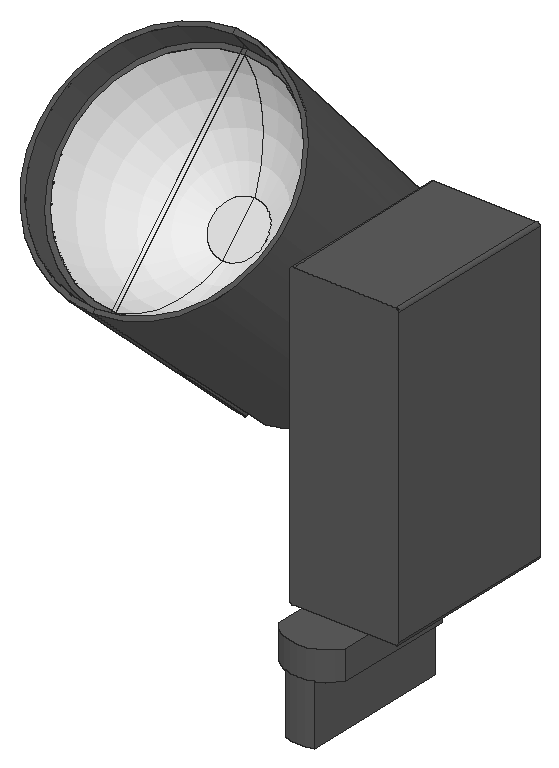
Revit family "0004952 Feilo Sylvania Lighting Fixture START TRACK SPOT L DALI 3562LM 940 WB BLK", category Lighting Fixtures, host Face, Revit 2017 (continued)
Definition of nested family "Start Track Spot Head"
  Types (96, lengths in mm): name | Wattage | built-in parameter 1150134 | Photometric Web File | Model | built-in parameter 1150105 | Lumens | built-in parameter 1150107 | built-in parameter 1150106 | HeadThickness_FEILO | HeadRibOffset_FEILO | HeadRibDepth_FEILO | HeadRibCutWidth_FEILO | HeadRibCutOffset_FEILO | HeadReflectorRadius_FEILO | HeadReflectorOffset_FEILO | HeadLEDRadius_FEILO | HeadHeight_FEILO | HeadDiffusorOffset_FEILO | HeadDiaOut_FEILO | HeadDiaIn_FEILO | HeadAxisFromTop_FEILO | Emit from Circle Diameter | built-in parameter 1150104 | Description | Apparent Load
    0004864 START TRACK SPOT S 24W 3K RA90 WB WHITE | 24 W | (empty or 0) | "0004864.ies" | "START TRACK SPOT S 24W 3K RA90 WB WHITE" | 152.79 (stored number, unit not read) | 1920 lm | 3000 (stored number, unit not read) | 1.5279 (stored number, unit not read) | 1.5 | 4.179 | 55.714 | 7.167 | 50.87 | 50.588 | 55.714 | 9.556 | 117 | 9.435 | 86 | 77.477 | 69.354 | 77.477 | 7.4322 (stored number, unit not read) | "Integrated LED spotlight, Textured White - RAL9016, compact and minimalist design, ideal for retail applications, die-cast aluminium body, passive cooling heatsink. Beam angle: 64°, color temperature: 3000K , total system power: 24W, total fixture output: 1928 lm, LOR: 100%, colour rendering: Ra: 90 typical, LED Chromaticity: 3 step MacAdam ellipse, lifetime: >50000 hours at L70B50, energy class: A++, A+, A, IR/UV free light source without heat radiation, operating voltage: 220-240V / 50-60Hz, drive current: 600mA, electronic driver, non-dimmable, power factor: 0.95, electrical protection: Class II, Global Track 3 Phase adapter suitable for Global trac 3-circuit tracks, ingress protection rating: IP20, suitable for internal environment only, horizontal rotation: 355°, vertical tilt: 90°, dimensions: Ø86x140x200, weight: 0.966kg." | 24 VA
    0004863 START TRACK SPOT S 24W 3K RA90 MB WHITE | 24 W | (empty or 0) | "0004863.ies" | "START TRACK SPOT S 24W 3K RA90 MB WHITE" | 154.7 (stored number, unit not read) | 1944 lm | 3000 (stored number, unit not read) | 1.547 (stored number, unit not read) | 1.5 | 4.179 | 55.714 | 7.167 | 50.87 | 50.588 | 55.714 | 9.556 | 117 | 9.435 | 86 | 77.477 | 69.354 | 77.477 | 7.5251 (stored number, unit not read) | "Integrated LED spotlight, Textured White - RAL9016, compact and minimalist design, ideal for retail applications, die-cast aluminium body, passive cooling heatsink. Beam angle: 36°, color temperature: 3000K , total system power: 24W, total fixture output: 1944 lm, LOR: 100%, colour rendering: Ra: 90 typical, LED Chromaticity: 3 step MacAdam ellipse, lifetime: >50000 hours at L70B50, energy class: A++, A+, A, IR/UV free light source without heat radiation, operating voltage: 220-240V / 50-60Hz, drive current: 600mA, electronic driver, non-dimmable, power factor: 0.95, electrical protection: Class II, Global Track 3 Phase adapter suitable for Global trac 3-circuit tracks, ingress protection rating: IP20, suitable for internal environment only, horizontal rotation: 355°, vertical tilt: 90°, dimensions: Ø86x140x200, weight: 0.966kg." | 24 VA
    0004862 START TRACK SPOT S 24W 3K RA90 NB WHITE | 24 W | (empty or 0) | "0004862.ies" | "START TRACK SPOT S 24W 3K RA90 NB WHITE" | 158.52 (stored number, unit not read) | 1992 lm | 3000 (stored number, unit not read) | 1.5852 (stored number, unit not read) | 1.5 | 4.179 | 55.714 | 7.167 | 50.87 | 50.588 | 55.714 | 9.556 | 117 | 9.435 | 86 | 77.477 | 69.354 | 77.477 | 7.711 (stored number, unit not read) | "Integrated LED spotlight, Textured White - RAL9016, compact and minimalist design, ideal for retail applications, die-cast aluminium body, passive cooling heatsink. Beam angle: 12°, color temperature: 3000K , total system power: 24W, total fixture output: 1987 lm, LOR: 100%, colour rendering: Ra: 90 typical, LED Chromaticity: 3 step MacAdam ellipse, lifetime: >50000 hours at L70B50, energy class: A++, A+, A, IR/UV free light source without heat radiation, operating voltage: 220-240V / 50-60Hz, drive current: 600mA, electronic driver, non-dimmable, power factor: 0.95, electrical protection: Class II, Global Track 3 Phase adapter suitable for Global trac 3-circuit tracks, ingress protection rating: IP20, suitable for internal environment only, horizontal rotation: 355°, vertical tilt: 90°, dimensions: Ø86x140x200, weight: 0.966kg." | 24 VA
    0004861 START TRACK SPOT S 14W 3K RA90 WB WHITE | 14 W | (empty or 0) | "0004861.ies" | "START TRACK SPOT S 14W 3K RA90 WB WHITE" | 100.27 (stored number, unit not read) | 1260 lm | 3000 (stored number, unit not read) | 1.0027 (stored number, unit not read) | 1.5 | 4.179 | 55.714 | 7.167 | 50.87 | 50.588 | 55.714 | 9.556 | 117 | 9.435 | 86 | 77.477 | 69.354 | 77.477 | 8.3613 (stored number, unit not read) | "Integrated LED spotlight, Textured White - RAL9016, compact and minimalist design, ideal for retail applications, die-cast aluminium body, passive cooling heatsink. Beam angle: 64°, color temperature: 3000K , total system power: 14W, total fixture output: 1262 lm, LOR: 100%, colour rendering: Ra: 90 typical, LED Chromaticity: 3 step MacAdam ellipse, lifetime: >50000 hours at L70B50, energy class: A++, A+, A, IR/UV free light source without heat radiation, operating voltage: 220-240V / 50-60Hz, drive current: 350mA, electronic driver, non-dimmable, power factor: 0.92, electrical protection: Class II, Global Track 3 Phase adapter suitable for Global trac 3-circuit tracks, ingress protection rating: IP20, suitable for internal environment only, horizontal rotation: 355°, vertical tilt: 90°, dimensions: Ø86x140x200, weight: 0.940kg." | 14 VA
    0004860 START TRACK SPOT S 14W 3K RA90 MB WHITE | 14 W | (empty or 0) | "0004860.ies" | "START TRACK SPOT S 14W 3K RA90 MB WHITE" | 100.27 (stored number, unit not read) | 1260 lm | 3000 (stored number, unit not read) | 1.0027 (stored number, unit not read) | 1.5 | 4.179 | 55.714 | 7.167 | 50.87 | 50.588 | 55.714 | 9.556 | 117 | 9.435 | 86 | 77.477 | 69.354 | 77.477 | 8.3613 (stored number, unit not read) | "Integrated LED spotlight, Textured White - RAL9016, compact and minimalist design, ideal for retail applications, die-cast aluminium body, passive cooling heatsink. Beam angle: 36°, color temperature: 3000K , total system power: 14W, total fixture output: 1262 lm, LOR: 100%, colour rendering: Ra: 90 typical, LED Chromaticity: 3 step MacAdam ellipse, lifetime: >50000 hours at L70B50, energy class: A++, A+, A, IR/UV free light source without heat radiation, operating voltage: 220-240V / 50-60Hz, drive current: 350mA, electronic driver, non-dimmable, power factor: 0.92, electrical protection: Class II, Global Track 3 Phase adapter suitable for Global trac 3-circuit tracks, ingress protection rating: IP20, suitable for internal environment only, horizontal rotation: 355°, vertical tilt: 90°, dimensions: Ø86x140x200, weight: 0.940kg." | 14 VA
    0004859 START TRACK SPOT S 14W 3K RA90 NB WHITE | 14 W | (empty or 0) | "0004859.ies" | "START TRACK SPOT S 14W 3K RA90 NB WHITE" | 102.5 (stored number, unit not read) | 1288 lm | 3000 (stored number, unit not read) | 1.025 (stored number, unit not read) | 1.5 | 4.179 | 55.714 | 7.167 | 50.87 | 50.588 | 55.714 | 9.556 | 117 | 9.435 | 86 | 77.477 | 69.354 | 77.477 | 8.5471 (stored number, unit not read) | "Integrated LED spotlight, Textured White - RAL9016, compact and minimalist design, ideal for retail applications, die-cast aluminium body, passive cooling heatsink. Beam angle: 12°, color temperature: 3000K , total system power: 14W, total fixture output: 1284 lm, LOR: 100%, colour rendering: Ra: 90 typical, LED Chromaticity: 3 step MacAdam ellipse, lifetime: >50000 hours at L70B50, energy class: A++, A+, A, IR/UV free light source without heat radiation, operating voltage: 220-240V / 50-60Hz, drive current: 350mA, electronic driver, non-dimmable, power factor: 0.92, electrical protection: Class II, Global Track 3 Phase adapter suitable for Global trac 3-circuit tracks, ingress protection rating: IP20, suitable for internal environment only, horizontal rotation: 355°, vertical tilt: 90°, dimensions: Ø86x140x200, weight: 0.940kg." | 14 VA
    0004858 START TRACK SPOT L 55W 4K RA80 WB BLACK | 55 W | 12 | "0004858.ies" | "START TRACK SPOT L 55W 4K RA80 WB BLACK" | 424.55 (stored number, unit not read) | 5335 lm | 4000 (stored number, unit not read) | 4.2455 (stored number, unit not read) | 2 | 4.429 | 59.048 | 9.417 | 53.913 | 66.471 | 59.048 | 12.556 | 124 | 10 | 113 | 101.802 | 73.503 | 101.802 | 9.0116 (stored number, unit not read) | "Integrated LED spotlight, Textured Black - RAL9005, compact and minimalist design, ideal for retail applications, die-cast aluminium body, passive cooling heatsink. Beam angle: 52°, color temperature: 4000K , total system power: 55W, total fixture output: 5320 lm, LOR: 100%, colour rendering: Ra: 80 typical, LED Chromaticity: 3 step MacAdam ellipse, lifetime: >50000 hours at L70B50, energy class: A++, A+, A, IR/UV free light source without heat radiation, operating voltage: 220-240V / 50-60Hz, drive current: 1400mA, electronic driver, non-dimmable, power factor: 0.96, electrical protection: Class II, Global Track 3 Phase adapter suitable for Global trac 3-circuit tracks, ingress protection rating: IP20, suitable for internal environment only, horizontal rotation: 355°, vertical tilt: 90°, dimensions: Ø113x164x240, weight: 1.398kg." | 55 VA
    0004857 START TRACK SPOT L 55W 4K RA80 MB BLACK | 55 W | 12 | "0004857.ies" | "START TRACK SPOT L 55W 4K RA80 MB BLACK" | 428.92 (stored number, unit not read) | 5390 lm | 4000 (stored number, unit not read) | 4.2892 (stored number, unit not read) | 2 | 4.429 | 59.048 | 9.417 | 53.913 | 66.471 | 59.048 | 12.556 | 124 | 10 | 113 | 101.802 | 73.503 | 101.802 | 9.1045 (stored number, unit not read) | "Integrated LED spotlight, Textured Black - RAL9005, compact and minimalist design, ideal for retail applications, die-cast aluminium body, passive cooling heatsink. Beam angle: 38°, color temperature: 4000K , total system power: 55W, total fixture output: 5378 lm, LOR: 100%, colour rendering: Ra: 80 typical, LED Chromaticity: 3 step MacAdam ellipse, lifetime: >50000 hours at L70B50, energy class: A++, A+, A, IR/UV free light source without heat radiation, operating voltage: 220-240V / 50-60Hz, drive current: 1400mA, electronic driver, non-dimmable, power factor: 0.96, electrical protection: Class II, Global Track 3 Phase adapter suitable for Global trac 3-circuit tracks, ingress protection rating: IP20, suitable for internal environment only, horizontal rotation: 355°, vertical tilt: 90°, dimensions: Ø113x164x240, weight: 1.398kg." | 55 VA
    0004856 START TRACK SPOT L 55W 4K RA80 NB BLACK | 55 W | 12 | "0004856.ies" | "START TRACK SPOT L 55W 4K RA80 NB BLACK" | 433.3 (stored number, unit not read) | 5445 lm | 4000 (stored number, unit not read) | 4.333 (stored number, unit not read) | 2 | 4.429 | 59.048 | 9.417 | 53.913 | 66.471 | 59.048 | 12.556 | 124 | 10 | 113 | 101.802 | 73.503 | 101.802 | 9.1974 (stored number, unit not read) | "Integrated LED spotlight, Textured Black - RAL9005, compact and minimalist design, ideal for retail applications, die-cast aluminium body, passive cooling heatsink. Beam angle: 15°, color temperature: 4000K , total system power: 55W, total fixture output: 5426 lm, LOR: 100%, colour rendering: Ra: 80 typical, LED Chromaticity: 3 step MacAdam ellipse, lifetime: >50000 hours at L70B50, energy class: A++, A+, A, IR/UV free light source without heat radiation, operating voltage: 220-240V / 50-60Hz, drive current: 1400mA, electronic driver, non-dimmable, power factor: 0.96, electrical protection: Class II, Global Track 3 Phase adapter suitable for Global trac 3-circuit tracks, ingress protection rating: IP20, suitable for internal environment only, horizontal rotation: 355°, vertical tilt: 90°, dimensions: Ø113x164x240, weight: 1.398kg." | 55 VA
    0004855 START TRACK SPOT L 35W 4K RA80 WB BLACK | 35 W | 12 | "0004855.ies" | "START TRACK SPOT L 35W 4K RA80 WB BLACK" | 320.3 (stored number, unit not read) | 4025 lm | 4000 (stored number, unit not read) | 3.203 (stored number, unit not read) | 2 | 4.429 | 59.048 | 9.417 | 53.913 | 66.471 | 59.048 | 12.556 | 124 | 10 | 113 | 101.802 | 73.503 | 101.802 | 10.684 (stored number, unit not read) | "Integrated LED spotlight, Textured Black - RAL9005, compact and minimalist design, ideal for retail applications, die-cast aluminium body, passive cooling heatsink. Beam angle: 52°, color temperature: 4000K , total system power: 35W, total fixture output: 4010 lm, LOR: 100%, colour rendering: Ra: 80 typical, LED Chromaticity: 3 step MacAdam ellipse, lifetime: >50000 hours at L70B50, energy class: A++, A+, A, IR/UV free light source without heat radiation, operating voltage: 220-240V / 50-60Hz, drive current: 900mA, electronic driver, non-dimmable, power factor: 0.93, electrical protection: Class II, Global Track 3 Phase adapter suitable for Global trac 3-circuit tracks, ingress protection rating: IP20, suitable for internal environment only, horizontal rotation: 355°, vertical tilt: 90°, dimensions: Ø113x164x240, weight: 1.368kg." | 35 VA
    0004854 START TRACK SPOT L 35W 4K RA80 MB BLACK | 35 W | 12 | "0004854.ies" | "START TRACK SPOT L 35W 4K RA80 MB BLACK" | 320.3 (stored number, unit not read) | 4025 lm | 4000 (stored number, unit not read) | 3.203 (stored number, unit not read) | 2 | 4.429 | 59.048 | 9.417 | 53.913 | 66.471 | 59.048 | 12.556 | 124 | 10 | 113 | 101.802 | 73.503 | 101.802 | 10.684 (stored number, unit not read) | "Integrated LED spotlight, Textured Black - RAL9005, compact and minimalist design, ideal for retail applications, die-cast aluminium body, passive cooling heatsink. Beam angle: 38°, color temperature: 4000K , total system power: 35W, total fixture output: 4017 lm, LOR: 100%, colour rendering: Ra: 80 typical, LED Chromaticity: 3 step MacAdam ellipse, lifetime: >50000 hours at L70B50, energy class: A++, A+, A, IR/UV free light source without heat radiation, operating voltage: 220-240V / 50-60Hz, drive current: 900mA, electronic driver, non-dimmable, power factor: 0.93, electrical protection: Class II, Global Track 3 Phase adapter suitable for Global trac 3-circuit tracks, ingress protection rating: IP20, suitable for internal environment only, horizontal rotation: 355°, vertical tilt: 90°, dimensions: Ø113x164x240, weight: 1.368kg." | 35 VA
    0004853 START TRACK SPOT L 35W 4K RA80 NB BLACK | 35 W | 12 | "0004853.ies" | "START TRACK SPOT L 35W 4K RA80 NB BLACK" | 331.44 (stored number, unit not read) | 4165 lm | 4000 (stored number, unit not read) | 3.3144 (stored number, unit not read) | 2 | 4.429 | 59.048 | 9.417 | 53.913 | 66.471 | 59.048 | 12.556 | 124 | 10 | 113 | 101.802 | 73.503 | 101.802 | 11.055 (stored number, unit not read) | "Integrated LED spotlight, Textured Black - RAL9005, compact and minimalist design, ideal for retail applications, die-cast aluminium body, passive cooling heatsink. Beam angle: 15°, color temperature: 4000K , total system power: 35W, total fixture output: 4174 lm, LOR: 100%, colour rendering: Ra: 80 typical, LED Chromaticity: 3 step MacAdam ellipse, lifetime: >50000 hours at L70B50, energy class: A++, A+, A, IR/UV free light source without heat radiation, operating voltage: 220-240V / 50-60Hz, drive current: 900mA, electronic driver, non-dimmable, power factor: 0.93, electrical protection: Class II, Global Track 3 Phase adapter suitable for Global trac 3-circuit tracks, ingress protection rating: IP20, suitable for internal environment only, horizontal rotation: 355°, vertical tilt: 90°, dimensions: Ø113x164x240, weight: 1.368kg." | 35 VA
    0004852 START TRACK SPOT S 24W 4K RA80 WB BLACK | 24 W | 12 | "0004852.ies" | "START TRACK SPOT S 24W 4K RA80 WB BLACK" | 196.72 (stored number, unit not read) | 2472 lm | 4000 (stored number, unit not read) | 1.9672 (stored number, unit not read) | 1.5 | 4.179 | 55.714 | 7.167 | 50.87 | 50.588 | 55.714 | 9.556 | 117 | 9.435 | 86 | 77.477 | 69.354 | 77.477 | 9.569 (stored number, unit not read) | "Integrated LED spotlight, Textured Black - RAL9005, compact and minimalist design, ideal for retail applications, die-cast aluminium body, passive cooling heatsink. Beam angle: 64°, color temperature: 4000K , total system power: 24W, total fixture output: 2476 lm, LOR: 100%, colour rendering: Ra: 80 typical, LED Chromaticity: 3 step MacAdam ellipse, lifetime: >50000 hours at L70B50, energy class: A++, A+, A, IR/UV free light source without heat radiation, operating voltage: 220-240V / 50-60Hz, drive current: 600mA, electronic driver, non-dimmable, power factor: 0.95, electrical protection: Class II, Global Track 3 Phase adapter suitable for Global trac 3-circuit tracks, ingress protection rating: IP20, suitable for internal environment only, horizontal rotation: 355°, vertical tilt: 90°, dimensions: Ø86x140x200, weight: 0.966kg." | 24 VA
    0004851 START TRACK SPOT S 24W 4K RA80 MB BLACK | 24 W | 12 | "0004851.ies" | "START TRACK SPOT S 24W 4K RA80 MB BLACK" | 198.63 (stored number, unit not read) | 2496 lm | 4000 (stored number, unit not read) | 1.9863 (stored number, unit not read) | 1.5 | 4.179 | 55.714 | 7.167 | 50.87 | 50.588 | 55.714 | 9.556 | 117 | 9.435 | 86 | 77.477 | 69.354 | 77.477 | 9.6619 (stored number, unit not read) | "Integrated LED spotlight, Textured Black - RAL9005, compact and minimalist design, ideal for retail applications, die-cast aluminium body, passive cooling heatsink. Beam angle: 36°, color temperature: 4000K , total system power: 24W, total fixture output: 2487 lm, LOR: 100%, colour rendering: Ra: 80 typical, LED Chromaticity: 3 step MacAdam ellipse, lifetime: >50000 hours at L70B50, energy class: A++, A+, A, IR/UV free light source without heat radiation, operating voltage: 220-240V / 50-60Hz, drive current: 600mA, electronic driver, non-dimmable, power factor: 0.95, electrical protection: Class II, Global Track 3 Phase adapter suitable for Global trac 3-circuit tracks, ingress protection rating: IP20, suitable for internal environment only, horizontal rotation: 355°, vertical tilt: 90°, dimensions: Ø86x140x200, weight: 0.966kg." | 24 VA
    0004850 START TRACK SPOT S 24W 4K RA80 NB BLACK | 24 W | 12 | "0004850.ies" | "START TRACK SPOT S 24W 4K RA80 NB BLACK" | 200.54 (stored number, unit not read) | 2520 lm | 4000 (stored number, unit not read) | 2.0054 (stored number, unit not read) | 1.5 | 4.179 | 55.714 | 7.167 | 50.87 | 50.588 | 55.714 | 9.556 | 117 | 9.435 | 86 | 77.477 | 69.354 | 77.477 | 9.7548 (stored number, unit not read) | "Integrated LED spotlight, Textured Black - RAL9005, compact and minimalist design, ideal for retail applications, die-cast aluminium body, passive cooling heatsink. Beam angle: 12°, color temperature: 4000K , total system power: 24W, total fixture output: 2529 lm, LOR: 100%, colour rendering: Ra: 80 typical, LED Chromaticity: 3 step MacAdam ellipse, lifetime: >50000 hours at L70B50, energy class: A++, A+, A, IR/UV free light source without heat radiation, operating voltage: 220-240V / 50-60Hz, drive current: 600mA, electronic driver, non-dimmable, power factor: 0.95, electrical protection: Class II, Global Track 3 Phase adapter suitable for Global trac 3-circuit tracks, ingress protection rating: IP20, suitable for internal environment only, horizontal rotation: 355°, vertical tilt: 90°, dimensions: Ø86x140x200, weight: 0.966kg." | 24 VA
    0004849 START TRACK SPOT S 14W 4K RA80 WB BLACK | 14 W | 12 | "0004849.ies" | "START TRACK SPOT S 14W 4K RA80 WB BLACK" | 123.66 (stored number, unit not read) | 1554 lm | 4000 (stored number, unit not read) | 1.2366 (stored number, unit not read) | 1.5 | 4.179 | 55.714 | 7.167 | 50.87 | 50.588 | 55.714 | 9.556 | 117 | 9.435 | 86 | 77.477 | 69.354 | 77.477 | 10.312 (stored number, unit not read) | "Integrated LED spotlight, Textured Black - RAL9005, compact and minimalist design, ideal for retail applications, die-cast aluminium body, passive cooling heatsink. Beam angle: 64°, color temperature: 4000K , total system power: 14W, total fixture output: 1558 lm, LOR: 100%, colour rendering: Ra: 80 typical, LED Chromaticity: 3 step MacAdam ellipse, lifetime: >50000 hours at L70B50, energy class: A++, A+, A, IR/UV free light source without heat radiation, operating voltage: 220-240V / 50-60Hz, drive current: 350mA, electronic driver, non-dimmable, power factor: 0.92, electrical protection: Class II, Global Track 3 Phase adapter suitable for Global trac 3-circuit tracks, ingress protection rating: IP20, suitable for internal environment only, horizontal rotation: 355°, vertical tilt: 90°, dimensions: Ø86x140x200, weight: 0.940kg." | 14 VA
    0004848 START TRACK SPOT S 14W 4K RA80 MB BLACK | 14 W | 12 | "0004848.ies" | "START TRACK SPOT S 14W 4K RA80 MB BLACK" | 127.01 (stored number, unit not read) | 1596 lm | 4000 (stored number, unit not read) | 1.2701 (stored number, unit not read) | 1.5 | 4.179 | 55.714 | 7.167 | 50.87 | 50.588 | 55.714 | 9.556 | 117 | 9.435 | 86 | 77.477 | 69.354 | 77.477 | 10.591 (stored number, unit not read) | "Integrated LED spotlight, Textured Black - RAL9005, compact and minimalist design, ideal for retail applications, die-cast aluminium body, passive cooling heatsink. Beam angle: 36°, color temperature: 4000K , total system power: 14W, total fixture output: 1598 lm, LOR: 100%, colour rendering: Ra: 80 typical, LED Chromaticity: 3 step MacAdam ellipse, lifetime: >50000 hours at L70B50, energy class: A++, A+, A, IR/UV free light source without heat radiation, operating voltage: 220-240V / 50-60Hz, drive current: 350mA, electronic driver, non-dimmable, power factor: 0.92, electrical protection: Class II, Global Track 3 Phase adapter suitable for Global trac 3-circuit tracks, ingress protection rating: IP20, suitable for internal environment only, horizontal rotation: 355°, vertical tilt: 90°, dimensions: Ø86x140x200, weight: 0.940kg." | 14 VA
    0004847 START TRACK SPOT S 14W 4K RA80 NB BLACK | 14 W | 12 | "0004847.ies" | "START TRACK SPOT S 14W 4K RA80 NB BLACK" | 128.12 (stored number, unit not read) | 1610 lm | 4000 (stored number, unit not read) | 1.2812 (stored number, unit not read) | 1.5 | 4.179 | 55.714 | 7.167 | 50.87 | 50.588 | 55.714 | 9.556 | 117 | 9.435 | 86 | 77.477 | 69.354 | 77.477 | 10.684 (stored number, unit not read) | "Integrated LED spotlight, Textured Black - RAL9005, compact and minimalist design, ideal for retail applications, die-cast aluminium body, passive cooling heatsink. Beam angle: 12°, color temperature: 4000K , total system power: 14W, total fixture output: 1608 lm, LOR: 100%, colour rendering: Ra: 80 typical, LED Chromaticity: 3 step MacAdam ellipse, lifetime: >50000 hours at L70B50, energy class: A++, A+, A, IR/UV free light source without heat radiation, operating voltage: 220-240V / 50-60Hz, drive current: 350mA, electronic driver, non-dimmable, power factor: 0.92, electrical protection: Class II, Global Track 3 Phase adapter suitable for Global trac 3-circuit tracks, ingress protection rating: IP20, suitable for internal environment only, horizontal rotation: 355°, vertical tilt: 90°, dimensions: Ø86x140x200, weight: 0.940kg." | 14 VA
    0004846 START TRACK SPOT L 55W 3K RA80 WB BLACK | 55 W | (empty or 0) | "0004846.ies" | "START TRACK SPOT L 55W 3K RA80 WB BLACK" | 420.17 (stored number, unit not read) | 5280 lm | 3000 (stored number, unit not read) | 4.2017 (stored number, unit not read) | 2 | 4.429 | 59.048 | 9.417 | 53.913 | 66.471 | 59.048 | 12.556 | 124 | 10 | 113 | 101.802 | 73.503 | 101.802 | 8.9187 (stored number, unit not read) | "Integrated LED spotlight, Textured Black - RAL9005, compact and minimalist design, ideal for retail applications, die-cast aluminium body, passive cooling heatsink. Beam angle: 52°, color temperature: 3000K , total system power: 55W, total fixture output: 5298 lm, LOR: 100%, colour rendering: Ra: 80 typical, LED Chromaticity: 3 step MacAdam ellipse, lifetime: >50000 hours at L70B50, energy class: A++, A+, A, IR/UV free light source without heat radiation, operating voltage: 220-240V / 50-60Hz, drive current: 1400mA, electronic driver, non-dimmable, power factor: 0.96, electrical protection: Class II, Global Track 3 Phase adapter suitable for Global trac 3-circuit tracks, ingress protection rating: IP20, suitable for internal environment only, horizontal rotation: 355°, vertical tilt: 90°, dimensions: Ø113x164x240, weight: 1.398kg." | 55 VA
    0004845 START TRACK SPOT L 55W 3K RA80 MB BLACK | 55 W | (empty or 0) | "0004845.ies" | "START TRACK SPOT L 55W 3K RA80 MB BLACK" | 428.92 (stored number, unit not read) | 5390 lm | 3000 (stored number, unit not read) | 4.2892 (stored number, unit not read) | 2 | 4.429 | 59.048 | 9.417 | 53.913 | 66.471 | 59.048 | 12.556 | 124 | 10 | 113 | 101.802 | 73.503 | 101.802 | 9.1045 (stored number, unit not read) | "Integrated LED spotlight, Textured Black - RAL9005, compact and minimalist design, ideal for retail applications, die-cast aluminium body, passive cooling heatsink. Beam angle: 38°, color temperature: 3000K , total system power: 55W, total fixture output: 5381 lm, LOR: 100%, colour rendering: Ra: 80 typical, LED Chromaticity: 3 step MacAdam ellipse, lifetime: >50000 hours at L70B50, energy class: A++, A+, A, IR/UV free light source without heat radiation, operating voltage: 220-240V / 50-60Hz, drive current: 1400mA, electronic driver, non-dimmable, power factor: 0.96, electrical protection: Class II, Global Track 3 Phase adapter suitable for Global trac 3-circuit tracks, ingress protection rating: IP20, suitable for internal environment only, horizontal rotation: 355°, vertical tilt: 90°, dimensions: Ø113x164x240, weight: 1.398kg." | 55 VA
    0004844 START TRACK SPOT L 55W 3K RA80 NB BLACK | 55 W | (empty or 0) | "0004844.ies" | "START TRACK SPOT L 55W 3K RA80 NB BLACK" | 433.3 (stored number, unit not read) | 5445 lm | 3000 (stored number, unit not read) | 4.333 (stored number, unit not read) | 2 | 4.429 | 59.048 | 9.417 | 53.913 | 66.471 | 59.048 | 12.556 | 124 | 10 | 113 | 101.802 | 73.503 | 101.802 | 9.1974 (stored number, unit not read) | "Integrated LED spotlight, Textured Black - RAL9005, compact and minimalist design, ideal for retail applications, die-cast aluminium body, passive cooling heatsink. Beam angle: 15°, color temperature: 3000K , total system power: 55W, total fixture output: 5449 lm, LOR: 100%, colour rendering: Ra: 80 typical, LED Chromaticity: 3 step MacAdam ellipse, lifetime: >50000 hours at L70B50, energy class: A++, A+, A, IR/UV free light source without heat radiation, operating voltage: 220-240V / 50-60Hz, drive current: 1400mA, electronic driver, non-dimmable, power factor: 0.96, electrical protection: Class II, Global Track 3 Phase adapter suitable for Global trac 3-circuit tracks, ingress protection rating: IP20, suitable for internal environment only, horizontal rotation: 355°, vertical tilt: 90°, dimensions: Ø113x164x240, weight: 1.398kg." | 55 VA
    0004843 START TRACK SPOT L 35W 3K RA80 WB BLACK | 35 W | (empty or 0) | "0004843.ies" | "START TRACK SPOT L 35W 3K RA80 WB BLACK" | 314.73 (stored number, unit not read) | 3955 lm | 3000 (stored number, unit not read) | 3.1473 (stored number, unit not read) | 2 | 4.429 | 59.048 | 9.417 | 53.913 | 66.471 | 59.048 | 12.556 | 124 | 10 | 113 | 101.802 | 73.503 | 101.802 | 10.498 (stored number, unit not read) | "Integrated LED spotlight, Textured Black - RAL9005, compact and minimalist design, ideal for retail applications, die-cast aluminium body, passive cooling heatsink. Beam angle: 52°, color temperature: 3000K , total system power: 35W, total fixture output: 3943 lm, LOR: 100%, colour rendering: Ra: 80 typical, LED Chromaticity: 3 step MacAdam ellipse, lifetime: >50000 hours at L70B50, energy class: A++, A+, A, IR/UV free light source without heat radiation, operating voltage: 220-240V / 50-60Hz, drive current: 900mA, electronic driver, non-dimmable, power factor: 0.93, electrical protection: Class II, Global Track 3 Phase adapter suitable for Global trac 3-circuit tracks, ingress protection rating: IP20, suitable for internal environment only, horizontal rotation: 355°, vertical tilt: 90°, dimensions: Ø113x164x240, weight: 1.368kg." | 35 VA
    0004842 START TRACK SPOT L 35W 3K RA80 MB BLACK | 35 W | (empty or 0) | "0004842.ies" | "START TRACK SPOT L 35W 3K RA80 MB BLACK" | 320.3 (stored number, unit not read) | 4025 lm | 3000 (stored number, unit not read) | 3.203 (stored number, unit not read) | 2 | 4.429 | 59.048 | 9.417 | 53.913 | 66.471 | 59.048 | 12.556 | 124 | 10 | 113 | 101.802 | 73.503 | 101.802 | 10.684 (stored number, unit not read) | "Integrated LED spotlight, Textured Black - RAL9005, compact and minimalist design, ideal for retail applications, die-cast aluminium body, passive cooling heatsink. Beam angle: 38°, color temperature: 3000K , total system power: 35W, total fixture output: 4008 lm, LOR: 100%, colour rendering: Ra: 80 typical, LED Chromaticity: 3 step MacAdam ellipse, lifetime: >50000 hours at L70B50, energy class: A++, A+, A, IR/UV free light source without heat radiation, operating voltage: 220-240V / 50-60Hz, drive current: 900mA, electronic driver, non-dimmable, power factor: 0.93, electrical protection: Class II, Global Track 3 Phase adapter suitable for Global trac 3-circuit tracks, ingress protection rating: IP20, suitable for internal environment only, horizontal rotation: 355°, vertical tilt: 90°, dimensions: Ø113x164x240, weight: 1.368kg." | 35 VA
    0004841 START TRACK SPOT L 35W 3K RA80 NB BLACK | 35 W | (empty or 0) | "0004841.ies" | "START TRACK SPOT L 35W 3K RA80 NB BLACK" | 317.51 (stored number, unit not read) | 3990 lm | 3000 (stored number, unit not read) | 3.1751 (stored number, unit not read) | 2 | 4.429 | 59.048 | 9.417 | 53.913 | 66.471 | 59.048 | 12.556 | 124 | 10 | 113 | 101.802 | 73.503 | 101.802 | 10.591 (stored number, unit not read) | "Integrated LED spotlight, Textured Black - RAL9005, compact and minimalist design, ideal for retail applications, die-cast aluminium body, passive cooling heatsink. Beam angle: 15°, color temperature: 3000K , total system power: 35W, total fixture output: 4005 lm, LOR: 100%, colour rendering: Ra: 80 typical, LED Chromaticity: 3 step MacAdam ellipse, lifetime: >50000 hours at L70B50, energy class: A++, A+, A, IR/UV free light source without heat radiation, operating voltage: 220-240V / 50-60Hz, drive current: 900mA, electronic driver, non-dimmable, power factor: 0.93, electrical protection: Class II, Global Track 3 Phase adapter suitable for Global trac 3-circuit tracks, ingress protection rating: IP20, suitable for internal environment only, horizontal rotation: 355°, vertical tilt: 90°, dimensions: Ø113x164x240, weight: 1.368kg." | 35 VA
    0004840 START TRACK SPOT S 24W 3K RA80 WB BLACK | 24 W | (empty or 0) | "0004840.ies" | "START TRACK SPOT S 24W 3K RA80 WB BLACK" | 185.26 (stored number, unit not read) | 2328 lm | 3000 (stored number, unit not read) | 1.8526 (stored number, unit not read) | 1.5 | 4.179 | 55.714 | 7.167 | 50.87 | 50.588 | 55.714 | 9.556 | 117 | 9.435 | 86 | 77.477 | 69.354 | 77.477 | 9.0116 (stored number, unit not read) | "Integrated LED spotlight, Textured Black - RAL9005, compact and minimalist design, ideal for retail applications, die-cast aluminium body, passive cooling heatsink. Beam angle: 64°, color temperature: 3000K , total system power: 24W, total fixture output: 2318 lm, LOR: 100%, colour rendering: Ra: 80 typical, LED Chromaticity: 3 step MacAdam ellipse, lifetime: >50000 hours at L70B50, energy class: A++, A+, A, IR/UV free light source without heat radiation, operating voltage: 220-240V / 50-60Hz, drive current: 600mA, electronic driver, non-dimmable, power factor: 0.95, electrical protection: Class II, Global Track 3 Phase adapter suitable for Global trac 3-circuit tracks, ingress protection rating: IP20, suitable for internal environment only, horizontal rotation: 355°, vertical tilt: 90°, dimensions: Ø86x140x200, weight: 0.966kg." | 24 VA
    0004839 START TRACK SPOT S 24W 3K RA80 MB BLACK | 24 W | (empty or 0) | "0004839.ies" | "START TRACK SPOT S 24W 3K RA80 MB BLACK" | 183.35 (stored number, unit not read) | 2304 lm | 3000 (stored number, unit not read) | 1.8335 (stored number, unit not read) | 1.5 | 4.179 | 55.714 | 7.167 | 50.87 | 50.588 | 55.714 | 9.556 | 117 | 9.435 | 86 | 77.477 | 69.354 | 77.477 | 8.9187 (stored number, unit not read) | "Integrated LED spotlight, Textured Black - RAL9005, compact and minimalist design, ideal for retail applications, die-cast aluminium body, passive cooling heatsink. Beam angle: 36°, color temperature: 3000K , total system power: 24W, total fixture output: 2314 lm, LOR: 100%, colour rendering: Ra: 80 typical, LED Chromaticity: 3 step MacAdam ellipse, lifetime: >50000 hours at L70B50, energy class: A++, A+, A, IR/UV free light source without heat radiation, operating voltage: 220-240V / 50-60Hz, drive current: 600mA, electronic driver, non-dimmable, power factor: 0.95, electrical protection: Class II, Global Track 3 Phase adapter suitable for Global trac 3-circuit tracks, ingress protection rating: IP20, suitable for internal environment only, horizontal rotation: 355°, vertical tilt: 90°, dimensions: Ø86x140x200, weight: 0.966kg." | 24 VA
    0004838 START TRACK SPOT S 24W 3K RA80 NB BLACK | 24 W | (empty or 0) | "0004838.ies" | "START TRACK SPOT S 24W 3K RA80 NB BLACK" | 185.26 (stored number, unit not read) | 2328 lm | 3000 (stored number, unit not read) | 1.8526 (stored number, unit not read) | 1.5 | 4.179 | 55.714 | 7.167 | 50.87 | 50.588 | 55.714 | 9.556 | 117 | 9.435 | 86 | 77.477 | 69.354 | 77.477 | 9.0116 (stored number, unit not read) | "Integrated LED spotlight, Textured Black - RAL9005, compact and minimalist design, ideal for retail applications, die-cast aluminium body, passive cooling heatsink. Beam angle: 12°, color temperature: 3000K , total system power: 24W, total fixture output: 2334 lm, LOR: 100%, colour rendering: Ra: 80 typical, LED Chromaticity: 3 step MacAdam ellipse, lifetime: >50000 hours at L70B50, energy class: A++, A+, A, IR/UV free light source without heat radiation, operating voltage: 220-240V / 50-60Hz, drive current: 600mA, electronic driver, non-dimmable, power factor: 0.95, electrical protection: Class II, Global Track 3 Phase adapter suitable for Global trac 3-circuit tracks, ingress protection rating: IP20, suitable for internal environment only, horizontal rotation: 355°, vertical tilt: 90°, dimensions: Ø86x140x200, weight: 0.966kg." | 24 VA
    0004837 START TRACK SPOT S 14W 3K RA80 WB BLACK | 14 W | (empty or 0) | "0004837.ies" | "START TRACK SPOT S 14W 3K RA80 WB BLACK" | 119.21 (stored number, unit not read) | 1498 lm | 3000 (stored number, unit not read) | 1.1921 (stored number, unit not read) | 1.5 | 4.179 | 55.714 | 7.167 | 50.87 | 50.588 | 55.714 | 9.556 | 117 | 9.435 | 86 | 77.477 | 69.354 | 77.477 | 9.9406 (stored number, unit not read) | "Integrated LED spotlight, Textured Black - RAL9005, compact and minimalist design, ideal for retail applications, die-cast aluminium body, passive cooling heatsink. Beam angle: 64°, color temperature: 3000K , total system power: 14W, total fixture output: 1498 lm, LOR: 100%, colour rendering: Ra: 80 typical, LED Chromaticity: 3 step MacAdam ellipse, lifetime: >50000 hours at L70B50, energy class: A++, A+, A, IR/UV free light source without heat radiation, operating voltage: 220-240V / 50-60Hz, drive current: 350mA, electronic driver, non-dimmable, power factor: 0.92, electrical protection: Class II, Global Track 3 Phase adapter suitable for Global trac 3-circuit tracks, ingress protection rating: IP20, suitable for internal environment only, horizontal rotation: 355°, vertical tilt: 90°, dimensions: Ø86x140x200, weight: 0.940kg." | 14 VA
    0004836 START TRACK SPOT S 14W 3K RA80 MB BLACK | 14 W | (empty or 0) | "0004836.ies" | "START TRACK SPOT S 14W 3K RA80 MB BLACK" | 120.32 (stored number, unit not read) | 1512 lm | 3000 (stored number, unit not read) | 1.2032 (stored number, unit not read) | 1.5 | 4.179 | 55.714 | 7.167 | 50.87 | 50.588 | 55.714 | 9.556 | 117 | 9.435 | 86 | 77.477 | 69.354 | 77.477 | 10.034 (stored number, unit not read) | "Integrated LED spotlight, Textured Black - RAL9005, compact and minimalist design, ideal for retail applications, die-cast aluminium body, passive cooling heatsink. Beam angle: 36°, color temperature: 3000K , total system power: 14W, total fixture output: 1508 lm, LOR: 100%, colour rendering: Ra: 80 typical, LED Chromaticity: 3 step MacAdam ellipse, lifetime: >50000 hours at L70B50, energy class: A++, A+, A, IR/UV free light source without heat radiation, operating voltage: 220-240V / 50-60Hz, drive current: 350mA, electronic driver, non-dimmable, power factor: 0.92, electrical protection: Class II, Global Track 3 Phase adapter suitable for Global trac 3-circuit tracks, ingress protection rating: IP20, suitable for internal environment only, horizontal rotation: 355°, vertical tilt: 90°, dimensions: Ø86x140x200, weight: 0.940kg." | 14 VA
    0004835 START TRACK SPOT S 14W 3K RA80 NB BLACK | 14 W | (empty or 0) | "0004835.ies" | "START TRACK SPOT S 14W 3K RA80 NB BLACK" | 123.66 (stored number, unit not read) | 1554 lm | 3000 (stored number, unit not read) | 1.2366 (stored number, unit not read) | 1.5 | 4.179 | 55.714 | 7.167 | 50.87 | 50.588 | 55.714 | 9.556 | 117 | 9.435 | 86 | 77.477 | 69.354 | 77.477 | 10.312 (stored number, unit not read) | "Integrated LED spotlight, Textured Black - RAL9005, compact and minimalist design, ideal for retail applications, die-cast aluminium body, passive cooling heatsink. Beam angle: 12°, color temperature: 3000K , total system power: 14W, total fixture output: 1551 lm, LOR: 100%, colour rendering: Ra: 80 typical, LED Chromaticity: 3 step MacAdam ellipse, lifetime: >50000 hours at L70B50, energy class: A++, A+, A, IR/UV free light source without heat radiation, operating voltage: 220-240V / 50-60Hz, drive current: 350mA, electronic driver, non-dimmable, power factor: 0.92, electrical protection: Class II, Global Track 3 Phase adapter suitable for Global trac 3-circuit tracks, ingress protection rating: IP20, suitable for internal environment only, horizontal rotation: 355°, vertical tilt: 90°, dimensions: Ø86x140x200, weight: 0.940kg." | 14 VA
    0004834 START TRACK SPOT L 55W 4K RA80 WB WHITE | 55 W | 12 | "0004834.ies" | "START TRACK SPOT L 55W 4K RA80 WB WHITE" | 424.55 (stored number, unit not read) | 5335 lm | 4000 (stored number, unit not read) | 4.2455 (stored number, unit not read) | 2 | 4.429 | 59.048 | 9.417 | 53.913 | 66.471 | 59.048 | 12.556 | 124 | 10 | 113 | 101.802 | 73.503 | 101.802 | 9.0116 (stored number, unit not read) | "Integrated LED spotlight, Textured White - RAL9016, compact and minimalist design, ideal for retail applications, die-cast aluminium body, passive cooling heatsink. Beam angle: 52°, color temperature: 4000K , total system power: 55W, total fixture output: 5320 lm, LOR: 100%, colour rendering: Ra: 80 typical, LED Chromaticity: 3 step MacAdam ellipse, lifetime: >50000 hours at L70B50, energy class: A++, A+, A, IR/UV free light source without heat radiation, operating voltage: 220-240V / 50-60Hz, drive current: 1400mA, electronic driver, non-dimmable, power factor: 0.96, electrical protection: Class II, Global Track 3 Phase adapter suitable for Global trac 3-circuit tracks, ingress protection rating: IP20, suitable for internal environment only, horizontal rotation: 355°, vertical tilt: 90°, dimensions: Ø113x164x240, weight: 1.398kg." | 55 VA
    0004833 START TRACK SPOT L 55W 4K RA80 MB WHITE | 55 W | 12 | "0004833.ies" | "START TRACK SPOT L 55W 4K RA80 MB WHITE" | 428.92 (stored number, unit not read) | 5390 lm | 4000 (stored number, unit not read) | 4.2892 (stored number, unit not read) | 2 | 4.429 | 59.048 | 9.417 | 53.913 | 66.471 | 59.048 | 12.556 | 124 | 10 | 113 | 101.802 | 73.503 | 101.802 | 9.1045 (stored number, unit not read) | "Integrated LED spotlight, Textured White - RAL9016, compact and minimalist design, ideal for retail applications, die-cast aluminium body, passive cooling heatsink. Beam angle: 38°, color temperature: 4000K , total system power: 55W, total fixture output: 5378 lm, LOR: 100%, colour rendering: Ra: 80 typical, LED Chromaticity: 3 step MacAdam ellipse, lifetime: >50000 hours at L70B50, energy class: A++, A+, A, IR/UV free light source without heat radiation, operating voltage: 220-240V / 50-60Hz, drive current: 1400mA, electronic driver, non-dimmable, power factor: 0.96, electrical protection: Class II, Global Track 3 Phase adapter suitable for Global trac 3-circuit tracks, ingress protection rating: IP20, suitable for internal environment only, horizontal rotation: 355°, vertical tilt: 90°, dimensions: Ø113x164x240, weight: 1.398kg." | 55 VA
    0004832 START TRACK SPOT L 55W 4K RA80 NB WHITE | 55 W | 12 | "0004832.ies" | "START TRACK SPOT L 55W 4K RA80 NB WHITE" | 433.3 (stored number, unit not read) | 5445 lm | 4000 (stored number, unit not read) | 4.333 (stored number, unit not read) | 2 | 4.429 | 59.048 | 9.417 | 53.913 | 66.471 | 59.048 | 12.556 | 124 | 10 | 113 | 101.802 | 73.503 | 101.802 | 9.1974 (stored number, unit not read) | "Integrated LED spotlight, Textured White - RAL9016, compact and minimalist design, ideal for retail applications, die-cast aluminium body, passive cooling heatsink. Beam angle: 15°, color temperature: 4000K , total system power: 55W, total fixture output: 5426 lm, LOR: 100%, colour rendering: Ra: 80 typical, LED Chromaticity: 3 step MacAdam ellipse, lifetime: >50000 hours at L70B50, energy class: A++, A+, A, IR/UV free light source without heat radiation, operating voltage: 220-240V / 50-60Hz, drive current: 1400mA, electronic driver, non-dimmable, power factor: 0.96, electrical protection: Class II, Global Track 3 Phase adapter suitable for Global trac 3-circuit tracks, ingress protection rating: IP20, suitable for internal environment only, horizontal rotation: 355°, vertical tilt: 90°, dimensions: Ø113x164x240, weight: 1.398kg." | 55 VA
    0004831 START TRACK SPOT L 35W 4K RA80 WB WHITE | 35 W | 12 | "0004831.ies" | "START TRACK SPOT L 35W 4K RA80 WB WHITE" | 320.3 (stored number, unit not read) | 4025 lm | 4000 (stored number, unit not read) | 3.203 (stored number, unit not read) | 2 | 4.429 | 59.048 | 9.417 | 53.913 | 66.471 | 59.048 | 12.556 | 124 | 10 | 113 | 101.802 | 73.503 | 101.802 | 10.684 (stored number, unit not read) | "Integrated LED spotlight, Textured White - RAL9016, compact and minimalist design, ideal for retail applications, die-cast aluminium body, passive cooling heatsink. Beam angle: 52°, color temperature: 4000K , total system power: 35W, total fixture output: 4010 lm, LOR: 100%, colour rendering: Ra: 80 typical, LED Chromaticity: 3 step MacAdam ellipse, lifetime: >50000 hours at L70B50, energy class: A++, A+, A, IR/UV free light source without heat radiation, operating voltage: 220-240V / 50-60Hz, drive current: 900mA, electronic driver, non-dimmable, power factor: 0.93, electrical protection: Class II, Global Track 3 Phase adapter suitable for Global trac 3-circuit tracks, ingress protection rating: IP20, suitable for internal environment only, horizontal rotation: 355°, vertical tilt: 90°, dimensions: Ø113x164x240, weight: 1.368kg." | 35 VA
    0004830 START TRACK SPOT L 35W 4K RA80 MB WHITE | 35 W | 12 | "0004830.ies" | "START TRACK SPOT L 35W 4K RA80 MB WHITE" | 320.3 (stored number, unit not read) | 4025 lm | 4000 (stored number, unit not read) | 3.203 (stored number, unit not read) | 2 | 4.429 | 59.048 | 9.417 | 53.913 | 66.471 | 59.048 | 12.556 | 124 | 10 | 113 | 101.802 | 73.503 | 101.802 | 10.684 (stored number, unit not read) | "Integrated LED spotlight, Textured White - RAL9016, compact and minimalist design, ideal for retail applications, die-cast aluminium body, passive cooling heatsink. Beam angle: 38°, color temperature: 4000K , total system power: 35W, total fixture output: 4017 lm, LOR: 100%, colour rendering: Ra: 80 typical, LED Chromaticity: 3 step MacAdam ellipse, lifetime: >50000 hours at L70B50, energy class: A++, A+, A, IR/UV free light source without heat radiation, operating voltage: 220-240V / 50-60Hz, drive current: 900mA, electronic driver, non-dimmable, power factor: 0.93, electrical protection: Class II, Global Track 3 Phase adapter suitable for Global trac 3-circuit tracks, ingress protection rating: IP20, suitable for internal environment only, horizontal rotation: 355°, vertical tilt: 90°, dimensions: Ø113x164x240, weight: 1.368kg." | 35 VA
    0004829 START TRACK SPOT L 35W 4K RA80 NB WHITE | 35 W | 12 | "0004829.ies" | "START TRACK SPOT L 35W 4K RA80 NB WHITE" | 331.44 (stored number, unit not read) | 4165 lm | 4000 (stored number, unit not read) | 3.3144 (stored number, unit not read) | 2 | 4.429 | 59.048 | 9.417 | 53.913 | 66.471 | 59.048 | 12.556 | 124 | 10 | 113 | 101.802 | 73.503 | 101.802 | 11.055 (stored number, unit not read) | "Integrated LED spotlight, Textured White - RAL9016, compact and minimalist design, ideal for retail applications, die-cast aluminium body, passive cooling heatsink. Beam angle: 15°, color temperature: 4000K , total system power: 35W, total fixture output: 4174 lm, LOR: 100%, colour rendering: Ra: 80 typical, LED Chromaticity: 3 step MacAdam ellipse, lifetime: >50000 hours at L70B50, energy class: A++, A+, A, IR/UV free light source without heat radiation, operating voltage: 220-240V / 50-60Hz, drive current: 900mA, electronic driver, non-dimmable, power factor: 0.93, electrical protection: Class II, Global Track 3 Phase adapter suitable for Global trac 3-circuit tracks, ingress protection rating: IP20, suitable for internal environment only, horizontal rotation: 355°, vertical tilt: 90°, dimensions: Ø113x164x240, weight: 1.368kg." | 35 VA
    0004828 START TRACK SPOT S 24W 4K RA80 WB WHITE | 24 W | 12 | "0004828.ies" | "START TRACK SPOT S 24W 4K RA80 WB WHITE" | 196.72 (stored number, unit not read) | 2472 lm | 4000 (stored number, unit not read) | 1.9672 (stored number, unit not read) | 1.5 | 4.179 | 55.714 | 7.167 | 50.87 | 50.588 | 55.714 | 9.556 | 117 | 9.435 | 86 | 77.477 | 69.354 | 77.477 | 9.569 (stored number, unit not read) | "Integrated LED spotlight, Textured White - RAL9016, compact and minimalist design, ideal for retail applications, die-cast aluminium body, passive cooling heatsink. Beam angle: 64°, color temperature: 4000K , total system power: 24W, total fixture output: 2476 lm, LOR: 100%, colour rendering: Ra: 80 typical, LED Chromaticity: 3 step MacAdam ellipse, lifetime: >50000 hours at L70B50, energy class: A++, A+, A, IR/UV free light source without heat radiation, operating voltage: 220-240V / 50-60Hz, drive current: 600mA, electronic driver, non-dimmable, power factor: 0.95, electrical protection: Class II, Global Track 3 Phase adapter suitable for Global trac 3-circuit tracks, ingress protection rating: IP20, suitable for internal environment only, horizontal rotation: 355°, vertical tilt: 90°, dimensions: Ø86x140x200, weight: 0.966kg." | 24 VA
    0004827 START TRACK SPOT S 24W 4K RA80 MB WHITE | 24 W | 12 | "0004827.ies" | "START TRACK SPOT S 24W 4K RA80 MB WHITE" | 198.63 (stored number, unit not read) | 2496 lm | 4000 (stored number, unit not read) | 1.9863 (stored number, unit not read) | 1.5 | 4.179 | 55.714 | 7.167 | 50.87 | 50.588 | 55.714 | 9.556 | 117 | 9.435 | 86 | 77.477 | 69.354 | 77.477 | 9.6619 (stored number, unit not read) | "Integrated LED spotlight, Textured White - RAL9016, compact and minimalist design, ideal for retail applications, die-cast aluminium body, passive cooling heatsink. Beam angle: 36°, color temperature: 4000K , total system power: 24W, total fixture output: 2487 lm, LOR: 100%, colour rendering: Ra: 80 typical, LED Chromaticity: 3 step MacAdam ellipse, lifetime: >50000 hours at L70B50, energy class: A++, A+, A, IR/UV free light source without heat radiation, operating voltage: 220-240V / 50-60Hz, drive current: 600mA, electronic driver, non-dimmable, power factor: 0.95, electrical protection: Class II, Global Track 3 Phase adapter suitable for Global trac 3-circuit tracks, ingress protection rating: IP20, suitable for internal environment only, horizontal rotation: 355°, vertical tilt: 90°, dimensions: Ø86x140x200, weight: 0.966kg." | 24 VA
    0004826 START TRACK SPOT S 24W 4K RA80 NB WHITE | 24 W | 12 | "0004826.ies" | "START TRACK SPOT S 24W 4K RA80 NB WHITE" | 200.54 (stored number, unit not read) | 2520 lm | 4000 (stored number, unit not read) | 2.0054 (stored number, unit not read) | 1.5 | 4.179 | 55.714 | 7.167 | 50.87 | 50.588 | 55.714 | 9.556 | 117 | 9.435 | 86 | 77.477 | 69.354 | 77.477 | 9.7548 (stored number, unit not read) | "Integrated LED spotlight, Textured White - RAL9016, compact and minimalist design, ideal for retail applications, die-cast aluminium body, passive cooling heatsink. Beam angle: 12°, color temperature: 4000K , total system power: 24W, total fixture output: 2529 lm, LOR: 100%, colour rendering: Ra: 80 typical, LED Chromaticity: 3 step MacAdam ellipse, lifetime: >50000 hours at L70B50, energy class: A++, A+, A, IR/UV free light source without heat radiation, operating voltage: 220-240V / 50-60Hz, drive current: 600mA, electronic driver, non-dimmable, power factor: 0.95, electrical protection: Class II, Global Track 3 Phase adapter suitable for Global trac 3-circuit tracks, ingress protection rating: IP20, suitable for internal environment only, horizontal rotation: 355°, vertical tilt: 90°, dimensions: Ø86x140x200, weight: 0.966kg." | 24 VA
    0004825 START TRACK SPOT S 14W 4K RA80 WB WHITE | 14 W | 12 | "0004825.ies" | "START TRACK SPOT S 14W 4K RA80 WB WHITE" | 123.66 (stored number, unit not read) | 1554 lm | 4000 (stored number, unit not read) | 1.2366 (stored number, unit not read) | 1.5 | 4.179 | 55.714 | 7.167 | 50.87 | 50.588 | 55.714 | 9.556 | 117 | 9.435 | 86 | 77.477 | 69.354 | 77.477 | 10.312 (stored number, unit not read) | "Integrated LED spotlight, Textured White - RAL9016, compact and minimalist design, ideal for retail applications, die-cast aluminium body, passive cooling heatsink. Beam angle: 64°, color temperature: 4000K , total system power: 14W, total fixture output: 1558 lm, LOR: 100%, colour rendering: Ra: 80 typical, LED Chromaticity: 3 step MacAdam ellipse, lifetime: >50000 hours at L70B50, energy class: A++, A+, A, IR/UV free light source without heat radiation, operating voltage: 220-240V / 50-60Hz, drive current: 350mA, electronic driver, non-dimmable, power factor: 0.92, electrical protection: Class II, Global Track 3 Phase adapter suitable for Global trac 3-circuit tracks, ingress protection rating: IP20, suitable for internal environment only, horizontal rotation: 355°, vertical tilt: 90°, dimensions: Ø86x140x200, weight: 0.940kg." | 14 VA
    0004824 START TRACK SPOT S 14W 4K RA80 MB WHITE | 14 W | 12 | "0004824.ies" | "START TRACK SPOT S 14W 4K RA80 MB WHITE" | 127.01 (stored number, unit not read) | 1596 lm | 4000 (stored number, unit not read) | 1.2701 (stored number, unit not read) | 1.5 | 4.179 | 55.714 | 7.167 | 50.87 | 50.588 | 55.714 | 9.556 | 117 | 9.435 | 86 | 77.477 | 69.354 | 77.477 | 10.591 (stored number, unit not read) | "Integrated LED spotlight, Textured White - RAL9016, compact and minimalist design, ideal for retail applications, die-cast aluminium body, passive cooling heatsink. Beam angle: 36°, color temperature: 4000K , total system power: 14W, total fixture output: 1598 lm, LOR: 100%, colour rendering: Ra: 80 typical, LED Chromaticity: 3 step MacAdam ellipse, lifetime: >50000 hours at L70B50, energy class: A++, A+, A, IR/UV free light source without heat radiation, operating voltage: 220-240V / 50-60Hz, drive current: 350mA, electronic driver, non-dimmable, power factor: 0.92, electrical protection: Class II, Global Track 3 Phase adapter suitable for Global trac 3-circuit tracks, ingress protection rating: IP20, suitable for internal environment only, horizontal rotation: 355°, vertical tilt: 90°, dimensions: Ø86x140x200, weight: 0.940kg." | 14 VA
    0004823 START TRACK SPOT S 14W 4K RA80 NB WHITE | 14 W | 12 | "0004823.ies" | "START TRACK SPOT S 14W 4K RA80 NB WHITE" | 128.12 (stored number, unit not read) | 1610 lm | 4000 (stored number, unit not read) | 1.2812 (stored number, unit not read) | 1.5 | 4.179 | 55.714 | 7.167 | 50.87 | 50.588 | 55.714 | 9.556 | 117 | 9.435 | 86 | 77.477 | 69.354 | 77.477 | 10.684 (stored number, unit not read) | "Integrated LED spotlight, Textured White - RAL9016, compact and minimalist design, ideal for retail applications, die-cast aluminium body, passive cooling heatsink. Beam angle: 12°, color temperature: 4000K , total system power: 14W, total fixture output: 1608 lm, LOR: 100%, colour rendering: Ra: 80 typical, LED Chromaticity: 3 step MacAdam ellipse, lifetime: >50000 hours at L70B50, energy class: A++, A+, A, IR/UV free light source without heat radiation, operating voltage: 220-240V / 50-60Hz, drive current: 350mA, electronic driver, non-dimmable, power factor: 0.92, electrical protection: Class II, Global Track 3 Phase adapter suitable for Global trac 3-circuit tracks, ingress protection rating: IP20, suitable for internal environment only, horizontal rotation: 355°, vertical tilt: 90°, dimensions: Ø86x140x200, weight: 0.940kg." | 14 VA
    0004822 START TRACK SPOT L 55W 3K RA80 WB WHITE | 55 W | (empty or 0) | "0004822.ies" | "START TRACK SPOT L 55W 3K RA80 WB WHITE" | 420.17 (stored number, unit not read) | 5280 lm | 3000 (stored number, unit not read) | 4.2017 (stored number, unit not read) | 2 | 4.429 | 59.048 | 9.417 | 53.913 | 66.471 | 59.048 | 12.556 | 124 | 10 | 113 | 101.802 | 73.503 | 101.802 | 8.9187 (stored number, unit not read) | "Integrated LED spotlight, Textured White - RAL9016, compact and minimalist design, ideal for retail applications, die-cast aluminium body, passive cooling heatsink. Beam angle: 52°, color temperature: 3000K , total system power: 55W, total fixture output: 5298 lm, LOR: 100%, colour rendering: Ra: 80 typical, LED Chromaticity: 3 step MacAdam ellipse, lifetime: >50000 hours at L70B50, energy class: A++, A+, A, IR/UV free light source without heat radiation, operating voltage: 220-240V / 50-60Hz, drive current: 1400mA, electronic driver, non-dimmable, power factor: 0.96, electrical protection: Class II, Global Track 3 Phase adapter suitable for Global trac 3-circuit tracks, ingress protection rating: IP20, suitable for internal environment only, horizontal rotation: 355°, vertical tilt: 90°, dimensions: Ø113x164x240, weight: 1.398kg." | 55 VA
    0004821 START TRACK SPOT L 55W 3K RA80 MB WHITE | 55 W | (empty or 0) | "0004821.ies" | "START TRACK SPOT L 55W 3K RA80 MB WHITE" | 428.92 (stored number, unit not read) | 5390 lm | 3000 (stored number, unit not read) | 4.2892 (stored number, unit not read) | 2 | 4.429 | 59.048 | 9.417 | 53.913 | 66.471 | 59.048 | 12.556 | 124 | 10 | 113 | 101.802 | 73.503 | 101.802 | 9.1045 (stored number, unit not read) | "Integrated LED spotlight, Textured White - RAL9016, compact and minimalist design, ideal for retail applications, die-cast aluminium body, passive cooling heatsink. Beam angle: 38°, color temperature: 3000K , total system power: 55W, total fixture output: 5381 lm, LOR: 100%, colour rendering: Ra: 80 typical, LED Chromaticity: 3 step MacAdam ellipse, lifetime: >50000 hours at L70B50, energy class: A++, A+, A, IR/UV free light source without heat radiation, operating voltage: 220-240V / 50-60Hz, drive current: 1400mA, electronic driver, non-dimmable, power factor: 0.96, electrical protection: Class II, Global Track 3 Phase adapter suitable for Global trac 3-circuit tracks, ingress protection rating: IP20, suitable for internal environment only, horizontal rotation: 355°, vertical tilt: 90°, dimensions: Ø113x164x240, weight: 1.398kg." | 55 VA
    0004820 START TRACK SPOT L 55W 3K RA80 NB WHITE | 55 W | (empty or 0) | "0004820.ies" | "START TRACK SPOT L 55W 3K RA80 NB WHITE" | 433.3 (stored number, unit not read) | 5445 lm | 3000 (stored number, unit not read) | 4.333 (stored number, unit not read) | 2 | 4.429 | 59.048 | 9.417 | 53.913 | 66.471 | 59.048 | 12.556 | 124 | 10 | 113 | 101.802 | 73.503 | 101.802 | 9.1974 (stored number, unit not read) | "Integrated LED spotlight, Textured White - RAL9016, compact and minimalist design, ideal for retail applications, die-cast aluminium body, passive cooling heatsink. Beam angle: 15°, color temperature: 3000K , total system power: 55W, total fixture output: 5449 lm, LOR: 100%, colour rendering: Ra: 80 typical, LED Chromaticity: 3 step MacAdam ellipse, lifetime: >50000 hours at L70B50, energy class: A++, A+, A, IR/UV free light source without heat radiation, operating voltage: 220-240V / 50-60Hz, drive current: 1400mA, electronic driver, non-dimmable, power factor: 0.96, electrical protection: Class II, Global Track 3 Phase adapter suitable for Global trac 3-circuit tracks, ingress protection rating: IP20, suitable for internal environment only, horizontal rotation: 355°, vertical tilt: 90°, dimensions: Ø113x164x240, weight: 1.398kg." | 55 VA
    0004819 START TRACK SPOT L 35W 3K RA80 WB WHITE | 35 W | (empty or 0) | "0004819.ies" | "START TRACK SPOT L 35W 3K RA80 WB WHITE" | 314.73 (stored number, unit not read) | 3955 lm | 3000 (stored number, unit not read) | 3.1473 (stored number, unit not read) | 2 | 4.429 | 59.048 | 9.417 | 53.913 | 66.471 | 59.048 | 12.556 | 124 | 10 | 113 | 101.802 | 73.503 | 101.802 | 10.498 (stored number, unit not read) | "Integrated LED spotlight, Textured White - RAL9016, compact and minimalist design, ideal for retail applications, die-cast aluminium body, passive cooling heatsink. Beam angle: 52°, color temperature: 3000K , total system power: 35W, total fixture output: 3943 lm, LOR: 100%, colour rendering: Ra: 80 typical, LED Chromaticity: 3 step MacAdam ellipse, lifetime: >50000 hours at L70B50, energy class: A++, A+, A, IR/UV free light source without heat radiation, operating voltage: 220-240V / 50-60Hz, drive current: 900mA, electronic driver, non-dimmable, power factor: 0.93, electrical protection: Class II, Global Track 3 Phase adapter suitable for Global trac 3-circuit tracks, ingress protection rating: IP20, suitable for internal environment only, horizontal rotation: 355°, vertical tilt: 90°, dimensions: Ø113x164x240, weight: 1.368kg." | 35 VA
    0004818 START TRACK SPOT L 35W 3K RA80 MB WHITE | 35 W | (empty or 0) | "0004818.ies" | "START TRACK SPOT L 35W 3K RA80 MB WHITE" | 320.3 (stored number, unit not read) | 4025 lm | 3000 (stored number, unit not read) | 3.203 (stored number, unit not read) | 2 | 4.429 | 59.048 | 9.417 | 53.913 | 66.471 | 59.048 | 12.556 | 124 | 10 | 113 | 101.802 | 73.503 | 101.802 | 10.684 (stored number, unit not read) | "Integrated LED spotlight, Textured White - RAL9016, compact and minimalist design, ideal for retail applications, die-cast aluminium body, passive cooling heatsink. Beam angle: 38°, color temperature: 3000K , total system power: 35W, total fixture output: 4008 lm, LOR: 100%, colour rendering: Ra: 80 typical, LED Chromaticity: 3 step MacAdam ellipse, lifetime: >50000 hours at L70B50, energy class: A++, A+, A, IR/UV free light source without heat radiation, operating voltage: 220-240V / 50-60Hz, drive current: 900mA, electronic driver, non-dimmable, power factor: 0.93, electrical protection: Class II, Global Track 3 Phase adapter suitable for Global trac 3-circuit tracks, ingress protection rating: IP20, suitable for internal environment only, horizontal rotation: 355°, vertical tilt: 90°, dimensions: Ø113x164x240, weight: 1.368kg." | 35 VA
    0004817 START TRACK SPOT L 35W 3K RA80 NB WHITE | 35 W | (empty or 0) | "0004817.ies" | "START TRACK SPOT L 35W 3K RA80 NB WHITE" | 317.51 (stored number, unit not read) | 3990 lm | 3000 (stored number, unit not read) | 3.1751 (stored number, unit not read) | 2 | 4.429 | 59.048 | 9.417 | 53.913 | 66.471 | 59.048 | 12.556 | 124 | 10 | 113 | 101.802 | 73.503 | 101.802 | 10.591 (stored number, unit not read) | "Integrated LED spotlight, Textured White - RAL9016, compact and minimalist design, ideal for retail applications, die-cast aluminium body, passive cooling heatsink. Beam angle: 15°, color temperature: 3000K , total system power: 35W, total fixture output: 4005 lm, LOR: 100%, colour rendering: Ra: 80 typical, LED Chromaticity: 3 step MacAdam ellipse, lifetime: >50000 hours at L70B50, energy class: A++, A+, A, IR/UV free light source without heat radiation, operating voltage: 220-240V / 50-60Hz, drive current: 900mA, electronic driver, non-dimmable, power factor: 0.93, electrical protection: Class II, Global Track 3 Phase adapter suitable for Global trac 3-circuit tracks, ingress protection rating: IP20, suitable for internal environment only, horizontal rotation: 355°, vertical tilt: 90°, dimensions: Ø113x164x240, weight: 1.368kg." | 35 VA
    0004816 START TRACK SPOT S 24W 3K RA80 WB WHITE | 24 W | (empty or 0) | "0004816.ies" | "START TRACK SPOT S 24W 3K RA80 WB WHITE" | 185.26 (stored number, unit not read) | 2328 lm | 3000 (stored number, unit not read) | 1.8526 (stored number, unit not read) | 1.5 | 4.179 | 55.714 | 7.167 | 50.87 | 50.588 | 55.714 | 9.556 | 117 | 9.435 | 86 | 77.477 | 69.354 | 77.477 | 9.0116 (stored number, unit not read) | "Integrated LED spotlight, Textured White - RAL9016, compact and minimalist design, ideal for retail applications, die-cast aluminium body, passive cooling heatsink. Beam angle: 64°, color temperature: 3000K , total system power: 24W, total fixture output: 2318 lm, LOR: 100%, colour rendering: Ra: 80 typical, LED Chromaticity: 3 step MacAdam ellipse, lifetime: >50000 hours at L70B50, energy class: A++, A+, A, IR/UV free light source without heat radiation, operating voltage: 220-240V / 50-60Hz, drive current: 600mA, electronic driver, non-dimmable, power factor: 0.95, electrical protection: Class II, Global Track 3 Phase adapter suitable for Global trac 3-circuit tracks, ingress protection rating: IP20, suitable for internal environment only, horizontal rotation: 355°, vertical tilt: 90°, dimensions: Ø86x140x200, weight: 0.966kg." | 24 VA
    0004815 START TRACK SPOT S 24W 3K RA80 MB WHITE | 24 W | (empty or 0) | "0004815.ies" | "START TRACK SPOT S 24W 3K RA80 MB WHITE" | 183.35 (stored number, unit not read) | 2304 lm | 3000 (stored number, unit not read) | 1.8335 (stored number, unit not read) | 1.5 | 4.179 | 55.714 | 7.167 | 50.87 | 50.588 | 55.714 | 9.556 | 117 | 9.435 | 86 | 77.477 | 69.354 | 77.477 | 8.9187 (stored number, unit not read) | "Integrated LED spotlight, Textured White - RAL9016, compact and minimalist design, ideal for retail applications, die-cast aluminium body, passive cooling heatsink. Beam angle: 36°, color temperature: 3000K , total system power: 24W, total fixture output: 2314 lm, LOR: 100%, colour rendering: Ra: 80 typical, LED Chromaticity: 3 step MacAdam ellipse, lifetime: >50000 hours at L70B50, energy class: A++, A+, A, IR/UV free light source without heat radiation, operating voltage: 220-240V / 50-60Hz, drive current: 600mA, electronic driver, non-dimmable, power factor: 0.95, electrical protection: Class II, Global Track 3 Phase adapter suitable for Global trac 3-circuit tracks, ingress protection rating: IP20, suitable for internal environment only, horizontal rotation: 355°, vertical tilt: 90°, dimensions: Ø86x140x200, weight: 0.966kg." | 24 VA
    0004814 START TRACK SPOT S 24W 3K RA80 NB WHITE | 24 W | (empty or 0) | "0004814.ies" | "START TRACK SPOT S 24W 3K RA80 NB WHITE" | 185.26 (stored number, unit not read) | 2328 lm | 3000 (stored number, unit not read) | 1.8526 (stored number, unit not read) | 1.5 | 4.179 | 55.714 | 7.167 | 50.87 | 50.588 | 55.714 | 9.556 | 117 | 9.435 | 86 | 77.477 | 69.354 | 77.477 | 9.0116 (stored number, unit not read) | "Integrated LED spotlight, Textured White - RAL9016, compact and minimalist design, ideal for retail applications, die-cast aluminium body, passive cooling heatsink. Beam angle: 12°, color temperature: 3000K , total system power: 24W, total fixture output: 2334 lm, LOR: 100%, colour rendering: Ra: 80 typical, LED Chromaticity: 3 step MacAdam ellipse, lifetime: >50000 hours at L70B50, energy class: A++, A+, A, IR/UV free light source without heat radiation, operating voltage: 220-240V / 50-60Hz, drive current: 600mA, electronic driver, non-dimmable, power factor: 0.95, electrical protection: Class II, Global Track 3 Phase adapter suitable for Global trac 3-circuit tracks, ingress protection rating: IP20, suitable for internal environment only, horizontal rotation: 355°, vertical tilt: 90°, dimensions: Ø86x140x200, weight: 0.966kg." | 24 VA
    0004813 START TRACK SPOT S 14W 3K RA80 WB WHITE | 14 W | (empty or 0) | "0004813.ies" | "START TRACK SPOT S 14W 3K RA80 WB WHITE" | 119.21 (stored number, unit not read) | 1498 lm | 3000 (stored number, unit not read) | 1.1921 (stored number, unit not read) | 1.5 | 4.179 | 55.714 | 7.167 | 50.87 | 50.588 | 55.714 | 9.556 | 117 | 9.435 | 86 | 77.477 | 69.354 | 77.477 | 9.9406 (stored number, unit not read) | "Integrated LED spotlight, Textured White - RAL9016, compact and minimalist design, ideal for retail applications, die-cast aluminium body, passive cooling heatsink. Beam angle: 64°, color temperature: 3000K , total system power: 14W, total fixture output: 1498 lm, LOR: 100%, colour rendering: Ra: 80 typical, LED Chromaticity: 3 step MacAdam ellipse, lifetime: >50000 hours at L70B50, energy class: A++, A+, A, IR/UV free light source without heat radiation, operating voltage: 220-240V / 50-60Hz, drive current: 350mA, electronic driver, non-dimmable, power factor: 0.92, electrical protection: Class II, Global Track 3 Phase adapter suitable for Global trac 3-circuit tracks, ingress protection rating: IP20, suitable for internal environment only, horizontal rotation: 355°, vertical tilt: 90°, dimensions: Ø86x140x200, weight: 0.940kg." | 14 VA
